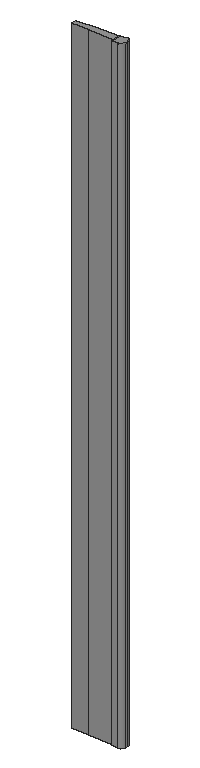
Revit family "ITK_by ZPAS_Ввод щеточный кабельный верхний", category Обобщенные модели, Revit 2019
Family settings
  Может служить основой для арматурных стержней = Нет
  Размер круглого соединителя = Использовать диаметр
  Тип детали = Нормальный
  На основе рабочей плоскости = Нет
  Всегда вертикально = Да
  При загрузке вырезать с полостями = Нет
  Общий = Нет
  Точка расчета площади = Нет
Parameters (values of type "В1200")
  Ширина = 100 mm  # constant formula
  Степень защиты = ""
  Материал = Окраска - RAL 9005
  Изготовитель = "ITK"  # constant formula
  Дата изменения = ""
  Глубина = 20 mm  # constant formula
  Высота = 1200 mm
  Тип монтажа = ""
  URL = "https://www.iek.ru/"
  KSI_CPr_Строительные изделия = "61.1.04.08"  # constant formula
  KSI_CMa_Строительные материалы = "01.7.14.03"  # constant formula
  IEK_Цена за единицу = 4399.15
  IEK_Поиск в таблице имен = ""
  IEK_Описание = "Предотвращают попадание пыли в шкаф и на оборудование при заведении кабельных линий.\r\nУдобны в монтаже и эксплуатации.\r\nСоответствие российским и международным стандартам."
  IEK_URL = "https://www.itk-group.ru/produktsiya/catalog/oborudovanie_telekommunikatsionnoe/kompleksnye_resheniya_dlya_tsod/shkafy_i_aksessuary_dlya_tsod/komplektuyushchie_i_aksessuary_dlya_shkafov_itk_by_zpas/kabelnye_organizatory_itk_by_zpas/itk_by_zpas_vvod_shchetochnyy_kabelnyy_verkhniy_1200mm"
  ADSK_Примечание = ""
  ADSK_Позиция [instance] = ""
  ADSK_Наименование = "ITK by ZPAS Ввод щеточный кабельный верхний 1200"
  ADSK_Материал обозначение = ""
  ADSK_Материал наименование = "Пластик"  # constant formula
  ADSK_Масса = 0.3
  ADSK_Марка = "by ZPAS"  # constant formula
  ADSK_Код изделия = "ZP-BE-1200"
  ADSK_Завод-изготовитель = "IEK"  # constant formula
  ADSK_Единица измерения = "шт"  # constant formula
  ADSK_Группирование = "I. ЩИТЫ И ПУЛЬТЫ"  # constant formula
  ADSK_Версия семейства = "1.0"  # constant formula
  ADSK_Версия Revit = "2019"  # constant formula
  ADSK_URL страницы изделия = "https://www.itk-group.ru/produktsiya/catalog/oborudovanie_telekommunikatsionnoe/kompleksnye_resheniya_dlya_tsod/shkafy_i_aksessuary_dlya_tsod/komplektuyushchie_i_aksessuary_dlya_shkafov_itk_by_zpas/kabelnye_organizatory_itk_by_zpas/"
Types (2, lengths in mm): name | Высота | IEK_Цена за единицу | IEK_URL | ADSK_Наименование | ADSK_Масса | ADSK_Код изделия
  В1000 | 1000 | 3688.88 | "https://www.itk-group.ru/produktsiya/catalog/oborudovanie_telekommunikatsionnoe/kompleksnye_resheniya_dlya_tsod/shkafy_i_aksessuary_dlya_tsod/komplektuyushchie_i_aksessuary_dlya_shkafov_itk_by_zpas/kabelnye_organizatory_itk_by_zpas/itk_by_zpas_vvod_shchetochnyy_kabelnyy_verkhniy_1000mm" | "ITK by ZPAS Ввод щеточный кабельный верхний 1000" | 0.2 | "ZP-BE-1000"
  В1200 | 1200 | 4399.15 | "https://www.itk-group.ru/produktsiya/catalog/oborudovanie_telekommunikatsionnoe/kompleksnye_resheniya_dlya_tsod/shkafy_i_aksessuary_dlya_tsod/komplektuyushchie_i_aksessuary_dlya_shkafov_itk_by_zpas/kabelnye_organizatory_itk_by_zpas/itk_by_zpas_vvod_shchetochnyy_kabelnyy_verkhniy_1200mm" | "ITK by ZPAS Ввод щеточный кабельный верхний 1200" | 0.3 | "ZP-BE-1200"
Reference planes
  plane 1 "По центру (Вперед/Назад)": y = 0
  plane 2: z = 0
  plane 3 "По центру (Влево/Вправо)": x = 0
  plane 4: z = 2066.9
  plane 5: y = -20
  plane 6: x = -45.46
  plane 7: x = 54.54
Forms (mm)
  Extrusion 1, solid, material "Условный материал-отделка", detail levels coarse+medium
    sketch origin (0, 0, 0) x (1, 0, 0) y (0, 1, 0)
      loop
        line (-45.46, 0) -> (-45.46, -20) -> (54.54, -20) -> (54.54, 0) -> (-45.46, 0)
    from 0 to 1200 <- "Высота"
  Extrusion 2, solid, material "Окраска - RAL 9005" <- "Материал", detail levels fine
    sketch origin (0, 0, 0) x (1, 0, 0) y (0, 1, 0)
      loop
        arc (34.54, -2.602) -> (11.32, -2.751) -> (-11.886, -3.61) r 757.684
        line (-11.886, -3.61) -> (-45.46, -5.37) -> (-45.46, -14.63) -> (-11.886, -16.39)
        arc (-11.886, -16.39) -> (11.32, -17.249) -> (34.54, -17.398) r 757.684
        line (34.54, -17.398) -> (34.54, -2.602)
    from 0 to 1200 <- "Высота"
  Extrusion 3, solid, material "Окраска - RAL 9005" <- "Материал", detail levels fine
    sketch origin (0, 0, 0) x (1, 0, 0) y (0, 1, 0)
      loop
        arc (46.509, -20) -> (52.188, -17.648) -> (54.54, -11.968) r 8.032
        line (54.54, -11.968) -> (54.54, -7.986)
        arc (54.54, -7.986) -> (52.201, -2.339) -> (46.555, 0) r 7.986
        line (46.555, 0) -> (34.54, 0) -> (34.54, -20) -> (46.509, -20)
    from 0 to 1200 <- "Высота"
  Extrusion 4, solid, material "Условный материал-отделка", detail levels coarse+medium
    sketch origin (0, 0, 0) x (1, 0, 0) y (0, 1, 0)
      loop
        line (-45.46, 0) -> (-45.46, -20) -> (54.54, -20) -> (54.54, 0) -> (-45.46, 0)
    from 0 to 1200 <- "Высота"
Dimensions and locks
  "Глубина": plane 5 to plane 1 "По центру (Вперед/Назад)"
  "Ширина": plane 6 to plane 7
  aligned and locked: level to plane 2
  aligned and locked: Extrusion 1 sketch curve to plane 5
  aligned and locked: Extrusion 1 sketch curve to plane 7
  aligned and locked: Extrusion 3 sketch curve to Extrusion 2
Automatic sketch dimensions
  Extrusion 1 sketch curve to plane 6 = 0 mm
  plane 1 "По центру (Вперед/Назад)" to Extrusion 1 sketch curve = 0 mm
  Extrusion 2 sketch curve to plane 6 = 0 mm
  plane 1 "По центру (Вперед/Назад)" to Extrusion 2 sketch curve = 3.61 mm
  Extrusion 2 sketch curve to plane 3 "По центру (Влево/Вправо)" = 11.886 mm  (x2)
  Extrusion 2 sketch curve to plane 5 = 3.61 mm
  Extrusion 2 sketch curve to plane 7 = 26.772 mm  (x2)
  plane 1 "По центру (Вперед/Назад)" to Extrusion 2 sketch curve = 2.602 mm
  plane 3 "По центру (Влево/Вправо)" to Extrusion 2 sketch curve = 34.54 mm
  Extrusion 2 sketch curve to plane 5 = 5.37 mm
  plane 1 "По центру (Вперед/Назад)" to Extrusion 2 sketch curve = 5.37 mm
  Extrusion 2 sketch curve to plane 1 "По центру (Вперед/Назад)" = 740.256 mm
  plane 5 to Extrusion 3 sketch curve = 0 mm
  plane 1 "По центру (Вперед/Назад)" to Extrusion 3 sketch curve = 0 mm
  Extrusion 3 sketch curve to plane 7 = 0 mm
  Extrusion 3 sketch curve to plane 7 = 8.032 mm
  Extrusion 3 sketch curve to Extrusion 3 sketch curve = 0.046 mm
  plane 5 to Extrusion 4 sketch curve = 0 mm
  Extrusion 4 sketch curve to plane 6 = 0 mm
  Extrusion 4 sketch curve to plane 7 = 0 mm
  plane 1 "По центру (Вперед/Назад)" to Extrusion 4 sketch curve = 0 mm
